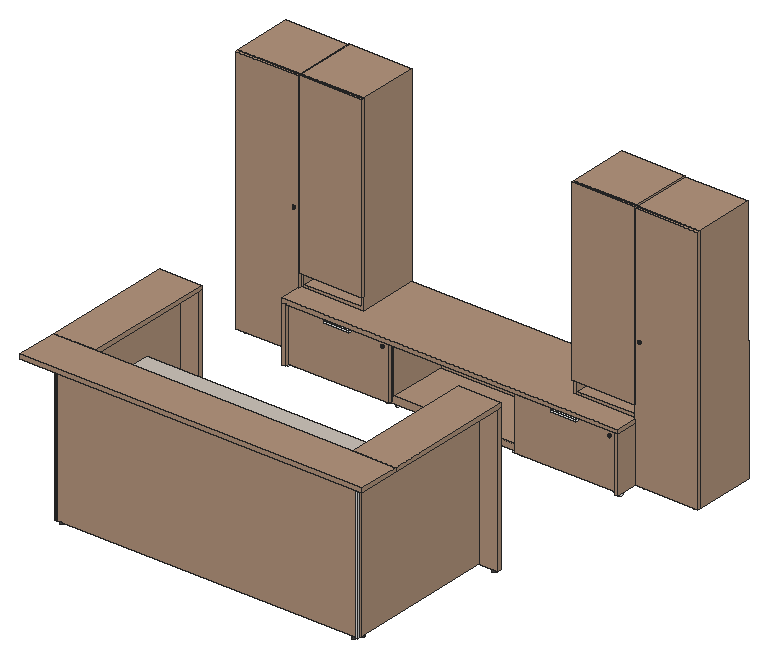
Revit family "Expansion_Casegoods-Reception_02-Teknion-R2019", category Furniture Systems, Revit 2019 (continued)
Definition of nested family "Workstations-Multi_Level-Teknion-B_MSD_Secondary-R2018"
  Parameters (values of type "1" Worksurface Thickness, Low Height")
    For Additional Finishes please visit [instance] = "https://assets.teknion.com/m/44a8009b046e5d47/original/Teknion_Materials_Library.zip"
    Description = "Secondary Desk - Low, 1\" Thick WS"
    Depth [instance] = 20.000"
    Available Widths [instance] = "54, 60, 66, 72, 78, 84, 90, 96, 102, or 108 inches."  # constant formula
    Available Depths [instance] = "20 or 24 inches."  # constant formula
    Assembly Code = "E2020200"
    Actual Width [instance] = if(Width = 54.000", 53.730", if(Width = 60.000", 59.700", if(Width = 66.000", 65.670", if(Width = 72.000", 71.640", if(Width = 78.000", 77.610", if(Width = 84.000", 83.580", if(Width = 90.000", 89.550", if(Width = 96.000", 95.520", if(Width = 102.000", 101.490", if(Width = 108.000", 107.460", 53.730"))))))))))  # 53.730"
    Actual Depth [instance] = if(Depth = 20.000", 19.900", 23.880")  # 19.900"
  Types (6): name | Worksurface Thickness | No Grommet | Model | Height | Has Centered Rectangular Grommet | Description
    1 3/16" Worksurface Thickness, High Height | 1.18898" | no | "BMMSDH_____" | 26.972" | yes | "Secondary Desk - High, 1-3/16\" Thick WS"
    1" Worksurface Thickness, High Height | 1.016" | no | "BDMSDH___" | 26.972" | yes | "Secondary Desk - High, 1\" Thick WS"
    1 9/16" Worksurface Thickness, High Height | 1.555" | no | "BXMSDH_____" | 26.972" | yes | "Secondary Desk - High, 1-9/16\" Thick WS"
    1 3/16" Worksurface Thickness, Low Height | 1.18898" | no | "BMMSDL_____" | 17.425" | yes | "Secondary Desk - Low, 1-3/16\" Thick WS"
    1 9/16" Worksurface Thickness, Low Height | 1.555" | no | "BXMSDL_____" | 17.425" | yes | "Secondary Desk - Low, 1-9/16\" Thick WS"
    1" Worksurface Thickness, Low Height | 1.016" | yes | "BDMSDL___" | 17.425" | no | "Secondary Desk - Low, 1\" Thick WS"
  Reference planes (in)
    plane 1 "Center F/B": y = 0
    plane 2: z = 0
    plane 3 "Center L/R": x = 0
    plane 4 "Left": x = -26.865
    plane 5 "Right": x = 26.865
    plane 6 "Back": y = 9.95
    plane 7 "Front": y = -9.95
    plane 8 "Top": z = 17.425
    plane 9: z = 17.58248
    plane 10: x = -25.84925
    plane 11: x = 25.84925
    plane 12: z = 16.409
  Forms (in)
    Sweep 1, solid, material <- "Surface and Edge Trim Finish"
      path origin (0, 0, 0) x (1, 0, 0) y (0, 1, 0)
        loop
          line (-26.865, 0) -> (26.865, 0)
      profile origin (0, 0, 0) x (0, 1, 0) y (0, 0, 1)
        loop
          line (9.95, 17.425) -> (-9.95, 17.425) -> (-9.95, 16.409) -> (9.95, 16.409) -> (9.95, 17.425)
    Sweep 2, solid, material <- "Gable Finish"
      path origin (0, 0, 0) x (1, 0, 0) y (0, 0, 1)
        loop
          line (0, 16.409) -> (0, 0.41339)
      profile origin (0, 0, 8.41119) x (0, -1, 0) y (1, 0, 0)
        loop
          line (-9.95, -26.865) -> (9.95, -26.865) -> (9.95, -25.84925) -> (-9.95, -25.84925) -> (-9.95, -26.865)
        loop
          line (-9.95, 25.84926) -> (9.95, 25.84926) -> (9.95, 26.865) -> (-9.95, 26.865) -> (-9.95, 25.84926)
    Extrusion 3, solid
      sketch origin (0, 0, 0) x (1, 0, 0) y (0, 1, 0)
        loop
          circle (-26.35528, 8.45) r 0.48481
        loop
          circle (-26.35528, -8.46926) r 0.48481
        loop
          circle (26.35528, -8.46926) r 0.48481
        loop
          circle (26.35528, 8.45) r 0.48481
      from 0 to 0.41339
    Extrusion 4, solid, material <- "Grommet Finish", visible <- "Has Centered Rectangular Grommet"
      sketch origin (0, 0, 17.425) x (-1, 0, 0) y (0, -1, 0)
        loop
          line (3.32716, -5.27994) -> (0.47993, -5.27994) -> (0.47993, -8.124) -> (3.32716, -8.124) -> (3.32716, -5.27994)
      from 0 to 0.15748
    Extrusion 5, solid, material <- "Grommet Finish", visible <- "Has Centered Rectangular Grommet"
      sketch origin (0, 0, 17.425) x (-1, 0, 0) y (0, -1, 0)
        loop
          line (0.47993, -5.27994) -> (-3.32716, -5.27994) -> (-3.32716, -8.124) -> (0.47993, -8.124) -> (0.47993, -6.91464) -> (-1.79967, -6.91464) -> (-1.79967, -6.48929) -> (0.47993, -6.48929) -> (0.47993, -5.27994)
      from 0 to 0.15748
    Extrusion 6, solid, material <- "Hardware Finish"
      sketch origin (-11.805, 0, -1.66531) x (1, 0, 0) y (0, 1, 0)
        loop
          line (-13.92524, 6.95) -> (-13.92524, -6.95) -> (-11.0915, -6.95) -> (-11.0915, 6.95) -> (-13.92524, 6.95)
      from 17.95534 to 18.07431
    Extrusion 7, solid, material <- "Hardware Finish"
      sketch origin (-38.805, 0, 0) x (0, 1, 0) y (0, 0, 1)
        loop
          line (-3.87804, 13.45624) -> (3.87804, 13.45624)
          arc (3.87804, 13.45624) -> (3.99213, 13.47314) -> (4.09643, 13.52236) r 0.3937
          line (4.09643, 13.52236) -> (6.77468, 15.30787)
          arc (6.77468, 15.30787) -> (6.90342, 15.44968) -> (6.95, 15.63545) r 0.3937
          line (6.95, 15.63545) -> (6.95, 16.409) -> (-6.95, 16.409) -> (-6.95, 15.63545)
          arc (-6.95, 15.63545) -> (-6.90342, 15.44968) -> (-6.77469, 15.30787) r 0.3937
          line (-6.77469, 15.30787) -> (-4.09643, 13.52236)
          arc (-4.09643, 13.52236) -> (-3.99213, 13.47314) -> (-3.87804, 13.45624) r 0.3937
      from 12.95575 to 13.07476
    Extrusion 8, solid, material <- "Hardware Finish"
      sketch origin (11.805, 0, -1.66531) x (-1, 0, 0) y (0, -1, 0)
        loop
          line (-13.92524, -6.95) -> (-11.0915, -6.95) -> (-11.0915, 6.95) -> (-13.92524, 6.95) -> (-13.92524, -6.95)
      from 17.95534 to 18.07431
    Extrusion 9, solid, material <- "Hardware Finish"
      sketch origin (38.805, 0, 0) x (0, 1, 0) y (0, 0, -1)
        loop
          arc (-3.87804, -13.45624) -> (-3.99213, -13.47314) -> (-4.09643, -13.52236) r 0.3937
          line (-4.09643, -13.52236) -> (-6.77469, -15.30787)
          arc (-6.77469, -15.30787) -> (-6.90342, -15.44968) -> (-6.95, -15.63545) r 0.3937
          line (-6.95, -15.63545) -> (-6.95, -16.409) -> (6.95, -16.409) -> (6.95, -15.63545)
          arc (6.95, -15.63545) -> (6.90342, -15.44968) -> (6.77468, -15.30787) r 0.3937
          line (6.77468, -15.30787) -> (4.09643, -13.52236)
          arc (4.09643, -13.52236) -> (3.99213, -13.47314) -> (3.87804, -13.45624) r 0.3937
          line (3.87804, -13.45624) -> (-3.87804, -13.45624)
      from 12.95575 to 13.07476
    Extrusion 10, solid, material <- "Grommet Finish", visible <- "Left Grommet"
      sketch origin (-18.29413, 0, 17.425) x (-1, 0, 0) y (0, -1, 0)
        loop
          line (3.32716, -5.27994) -> (0.47993, -5.27994) -> (0.47993, -8.124) -> (3.32716, -8.124) -> (3.32716, -5.27994)
      from 0 to 0.15748
    Extrusion 11, solid, material <- "Grommet Finish", visible <- "Left Grommet"
      sketch origin (-18.29413, 0, 17.425) x (-1, 0, 0) y (0, -1, 0)
        loop
          line (0.47993, -5.27994) -> (-3.32716, -5.27994) -> (-3.32716, -8.124) -> (0.47993, -8.124) -> (0.47993, -6.91464) -> (-1.79967, -6.91464) -> (-1.79967, -6.48929) -> (0.47993, -6.48929) -> (0.47993, -5.27994)
      from 0 to 0.15748
    Extrusion 12, solid, material <- "Grommet Finish", visible <- "Right Grommet"
      sketch origin (18.29413, 13.40394, 17.425) x (1, 0, 0) y (0, 1, 0)
        loop
          line (3.32716, -5.27994) -> (0.47993, -5.27994) -> (0.47993, -8.124) -> (3.32716, -8.124) -> (3.32716, -5.27994)
      from 0 to 0.15748
    Extrusion 13, solid, material <- "Grommet Finish", visible <- "Right Grommet"
      sketch origin (18.29413, 13.40394, 17.425) x (1, 0, 0) y (0, 1, 0)
        loop
          line (0.47993, -5.27994) -> (-3.32716, -5.27994) -> (-3.32716, -8.124) -> (0.47993, -8.124) -> (0.47993, -6.91464) -> (-1.79967, -6.91464) -> (-1.79967, -6.48929) -> (0.47993, -6.48929) -> (0.47993, -5.27994)
      from 0 to 0.15748
  Lines and regions (in)
    Masking region 1
      outline origin (0, 0, 17.425) x (-1, 0, 0) y (0, -1, 0)
        loop
          line (26.865, -9.95) -> (26.865, 9.95) -> (-26.865, 9.95) -> (-26.865, -9.95) -> (26.865, -9.95)
    symbolic lines, detail levels medium+fine
      curve 1: line (-25.84925, -9.95, 0) -> (-25.84925, 9.95, 0)
      curve 2: line (25.84926, 9.95, 0) -> (25.84926, -9.95, 0)
    symbolic lines, visible <- "Has Centered Rectangular Grommet"
      curve 3: line (-0.47993, 8.124, 0) -> (-3.32716, 8.124, 0)
      curve 4: line (3.32716, 8.124, 0) -> (-0.47993, 8.124, 0)
      curve 5: line (3.32716, 5.27994, 0) -> (3.32716, 8.124, 0)
      curve 6: line (-0.47993, 5.27994, 0) -> (3.32716, 5.27994, 0)
      curve 7: line (-3.32716, 5.27994, 0) -> (-0.47993, 5.27994, 0)
      curve 8: line (-3.32716, 8.124, 0) -> (-3.32716, 5.27994, 0)
      curve 9: line (-0.47993, 5.27994, 0) -> (-0.47993, 8.124, 0)
      curve 10: line (-0.47993, 6.91464, 0) -> (1.79967, 6.91464, 0)
      curve 11: line (1.79967, 6.48929, 0) -> (-0.47993, 6.48929, 0)
      curve 12: line (1.79967, 6.91464, 0) -> (1.79967, 6.48929, 0)
    symbolic lines, detail levels fine
      curve 13: arc (26.35528, 8.93481, 0) -> (25.87047, 8.45, 0) -> (26.35528, 7.96519, 0) r 0.48481
      curve 14: arc (26.35528, 7.96519, 0) -> (26.84009, 8.45, 0) -> (26.35528, 8.93481, 0) r 0.48481
      curve 15: arc (26.35528, -7.98445, 0) -> (25.87047, -8.46926, 0) -> (26.35528, -8.95407, 0) r 0.48481
      curve 16: arc (26.35528, -8.95407, 0) -> (26.84009, -8.46926, 0) -> (26.35528, -7.98445, 0) r 0.48481
      curve 17: arc (-26.35528, -7.98445, 0) -> (-26.84009, -8.46926, 0) -> (-26.35528, -8.95407, 0) r 0.48481
      curve 18: arc (-26.35528, -8.95407, 0) -> (-25.87047, -8.46926, 0) -> (-26.35528, -7.98445, 0) r 0.48481
      curve 19: arc (-26.35528, 7.96519, 0) -> (-25.87047, 8.45, 0) -> (-26.35528, 8.93481, 0) r 0.48481
      curve 20: arc (-26.35528, 8.93481, 0) -> (-26.84009, 8.45, 0) -> (-26.35528, 7.96519, 0) r 0.48481
      curve 21: line (-25.73024, 6.95, 0) -> (-25.84925, 6.95, 0)
      curve 22: line (-22.8965, 6.95, 0) -> (-25.73024, 6.95, 0)
      curve 23: line (-22.8965, -6.95, 0) -> (-22.8965, 6.95, 0)
      curve 24: line (-25.73024, -6.95, 0) -> (-22.8965, -6.95, 0)
      curve 25: line (-25.84925, -6.95, 0) -> (-25.73024, -6.95, 0)
      curve 26: line (-25.73024, -6.95, 0) -> (-25.73024, 6.95, 0)
      curve 27: line (25.84926, 6.95, 0) -> (25.73024, 6.95, 0)
      curve 28: line (25.73024, 6.95, 0) -> (22.8965, 6.95, 0)
      curve 29: line (22.8965, 6.95, 0) -> (22.8965, -6.95, 0)
      curve 30: line (22.8965, -6.95, 0) -> (25.73024, -6.95, 0)
      curve 31: line (25.73024, 6.95, 0) -> (25.73024, -6.95, 0)
      curve 32: line (25.73024, -6.95, 0) -> (25.84926, -6.95, 0)
    symbolic lines, visible <- "Left Grommet"
      curve 33: line (-18.77406, 8.124, 0) -> (-21.62129, 8.124, 0)
      curve 34: line (-14.96698, 8.124, 0) -> (-18.77406, 8.124, 0)
      curve 35: line (-14.96698, 5.27994, 0) -> (-14.96698, 8.124, 0)
      curve 36: line (-18.77406, 5.27994, 0) -> (-14.96698, 5.27994, 0)
      curve 37: line (-21.62129, 5.27994, 0) -> (-18.77406, 5.27994, 0)
      curve 38: line (-21.62129, 8.124, 0) -> (-21.62129, 5.27994, 0)
      curve 39: line (-18.77406, 5.27994, 0) -> (-18.77406, 8.124, 0)
      curve 40: line (-18.77406, 6.91464, 0) -> (-16.49446, 6.91464, 0)
      curve 41: line (-16.49446, 6.48929, 0) -> (-18.77406, 6.48929, 0)
      curve 42: line (-16.49446, 6.91464, 0) -> (-16.49446, 6.48929, 0)
    symbolic lines, visible <- "Right Grommet"
      curve 43: line (18.77406, 5.27994, 0) -> (21.62129, 5.27994, 0)
      curve 44: line (14.96698, 5.27994, 0) -> (18.77406, 5.27994, 0)
      curve 45: line (14.96698, 8.124, 0) -> (14.96698, 5.27994, 0)
      curve 46: line (18.77406, 8.124, 0) -> (14.96698, 8.124, 0)
      curve 47: line (21.62129, 8.124, 0) -> (18.77406, 8.124, 0)
      curve 48: line (21.62129, 5.27994, 0) -> (21.62129, 8.124, 0)
      curve 49: line (18.77406, 8.124, 0) -> (18.77406, 5.27994, 0)
      curve 50: line (18.77406, 6.48929, 0) -> (16.49446, 6.48929, 0)
      curve 51: line (16.49446, 6.91464, 0) -> (18.77406, 6.91464, 0)
      curve 52: line (16.49446, 6.48929, 0) -> (16.49446, 6.91464, 0)
  Dimensions and locks (in)
    equal spacing: plane 4 "Left", plane 3 "Center L/R", plane 5 "Right"
    equal spacing: plane 6 "Back", plane 1 "Center F/B", plane 7 "Front"
    "Actual Width": plane 4 "Left" to plane 5 "Right"
    "Actual Depth": plane 7 "Front" to plane 6 "Back"
    locked: Sweep 2 sketch curve to plane 2 at 0.41339
    locked: Sweep 2 sketch curve to plane 12 at 0
    locked: plane 4 "Left" to Sweep 2 sketch curve at 1.01575
    locked: Sweep 2 sketch curve to plane 5 "Right" at 1.01574
    "Height": plane 8 "Top" to plane 2
    locked: Extrusion 3 to plane 2 at 0.41339
    locked: plane 4 "Left" to Extrusion 3 sketch curve at 0.50972  (x2)
    locked: Extrusion 3 sketch curve to plane 5 "Right" at 0.50972  (x2)
    locked: plane 7 "Front" to Extrusion 3 sketch curve at 1.48074
    locked: plane 6 "Back" to Extrusion 3 sketch curve at 1.5
    Extrusion 4 sketch curve to Extrusion 4 sketch curve to plane 3 "Center L/R" = 2.84723" locked, 0.47993" locked
    plane 6 "Back" to Extrusion 4 sketch curve to Extrusion 4 sketch curve = 1.826" locked, 2.84406" locked
    Extrusion 5 sketch curve to Extrusion 5 sketch curve to plane 3 "Center L/R" to Extrusion 5 sketch curve to Extrusion 5 sketch curve = 0.000" locked, 0.47993" locked, 1.79967" locked, 1.52748" locked
    Extrusion 5 sketch curve to Extrusion 5 sketch curve to Extrusion 5 sketch curve to Extrusion 5 sketch curve to plane 6 "Back" = 1.20936" locked, 0.42535" locked, 1.20936" locked, 1.826" locked
    locked: plane 9 to plane 8 "Top" at 0.15748
    locked: Extrusion 6 sketch curve to plane 6 "Back" at 3
    locked: Extrusion 6 sketch curve to plane 7 "Front" at 3
    plane 4 "Left" to Extrusion 6 sketch curve to Extrusion 6 sketch curve = 1.13476" locked, 2.83374" locked
    Extrusion 7 sketch curve to Extrusion 7 sketch curve to Extrusion 7 sketch curve to plane 6 "Back" = 2.67826" locked, 0.3937" locked, 3.000" locked
    plane 7 "Front" to Extrusion 7 sketch curve to Extrusion 7 sketch curve to Extrusion 7 sketch curve = 3.000" locked, 0.3937" locked, 2.67826" locked
    Extrusion 7 sketch curve to Extrusion 7 sketch curve to Extrusion 7 sketch curve to Extrusion 7 sketch curve to Extrusion 7 sketch curve to Extrusion 7 sketch curve to plane 12 = 0.3937" locked, 0.000" locked, 1.78551" locked, 0.000" locked, 0.77355" locked, 0.000" locked
    plane 5 "Right" to Extrusion 8 sketch curve to Extrusion 8 sketch curve = 1.13476" locked, 2.83374" locked
    Extrusion 9 sketch curve to Extrusion 9 sketch curve to Extrusion 9 sketch curve to plane 6 "Back" = 2.67826" locked, 0.3937" locked, 3.000" locked
    plane 7 "Front" to Extrusion 9 sketch curve to Extrusion 9 sketch curve to Extrusion 9 sketch curve = 3.000" locked, 0.3937" locked, 2.67826" locked
    plane 12 to Extrusion 9 sketch curve to Extrusion 9 sketch curve to Extrusion 9 sketch curve to Extrusion 9 sketch curve to Extrusion 9 sketch curve to Extrusion 9 sketch curve = 0.000" locked, 0.77355" locked, 0.000" locked, 1.78551" locked, 0.000" locked, 0.3937" locked
    locked: plane 6 "Back" to Extrusion 8 sketch curve at 3
    locked: plane 7 "Front" to Extrusion 8 sketch curve at 3
    locked: plane 4 "Left" to plane 10 at 1.01575
    locked: plane 10 to Extrusion 7 at 0.11902
    locked: plane 5 "Right" to plane 11 at 1.01575
    locked: Extrusion 9 to plane 11 at 0.11902
    "Worksurface Thickness": plane 8 "Top" to plane 12
    locked: plane 12 to Extrusion 6 at 0.11897
    locked: plane 12 to Extrusion 8 at 0.11897
    plane 4 "Left" to Extrusion 10 sketch curve to Extrusion 10 sketch curve = 5.24371" locked, 2.84723" locked
    plane 6 "Back" to Extrusion 10 sketch curve to Extrusion 10 sketch curve = 1.826" locked, 2.84406" locked
    plane 4 "Left" to Extrusion 11 sketch curve to Extrusion 11 sketch curve to Extrusion 11 sketch curve to Extrusion 11 sketch curve = 8.09094" locked, 0.000" locked, 2.2796", 1.52748" locked
    Extrusion 11 sketch curve to Extrusion 11 sketch curve to Extrusion 11 sketch curve to Extrusion 11 sketch curve to plane 6 "Back" = 1.20936" locked, 0.42535" locked, 1.20936" locked, 1.826" locked
    plane 5 "Right" to Extrusion 12 sketch curve to Extrusion 12 sketch curve = 5.24371" locked, 2.84723" locked
    Extrusion 12 sketch curve to Extrusion 12 sketch curve to plane 6 "Back" = 2.84406" locked, 1.826" locked
    plane 5 "Right" to Extrusion 13 sketch curve to Extrusion 13 sketch curve to Extrusion 13 sketch curve to Extrusion 13 sketch curve = 8.09094" locked, 0.000" locked, 2.2796" locked, 1.52748" locked
    plane 6 "Back" to Extrusion 13 sketch curve to Extrusion 13 sketch curve to Extrusion 13 sketch curve to Extrusion 13 sketch curve = 1.826" locked, 1.20936" locked, 0.42535" locked, 1.20936" locked
    aligned and locked: level to plane 2
    aligned and locked: plane 4 "Left" to Sweep 1 sketch curve
    aligned and locked: plane 5 "Right" to Sweep 1 sketch curve
    aligned and locked: plane 1 "Center F/B" to Sweep 1 sketch curve
    aligned and locked: Sweep 1 sketch curve to plane 8 "Top"
    aligned and locked: Sweep 1 sketch curve to plane 7 "Front"
    aligned and locked: Sweep 1 sketch curve to plane 6 "Back"
    aligned and locked: Sweep 2 sketch curve to plane 3 "Center L/R"
    aligned and locked: Sweep 2 sketch curve to plane 6 "Back"  (x2)
    aligned and locked: Sweep 2 sketch curve to plane 4 "Left"
    aligned and locked: Sweep 2 sketch curve to plane 7 "Front"  (x2)
    aligned and locked: Sweep 2 sketch curve to plane 5 "Right"
    aligned and locked: plane 2 to Extrusion 3
    aligned and locked: curve 1 to Sweep 2
    aligned and locked: curve 2 to Sweep 2
    aligned and locked: Masking region 1 sketch curve to plane 4 "Left"
    aligned and locked: Masking region 1 sketch curve to plane 5 "Right"
    aligned and locked: Masking region 1 sketch curve to plane 6 "Back"
    aligned and locked: Masking region 1 sketch curve to plane 7 "Front"
    aligned and locked: Extrusion 4 to plane 9
    aligned and locked: Extrusion 5 to plane 9
    aligned and locked: Extrusion 4 to plane 8 "Top"
    aligned and locked: Extrusion 5 to plane 8 "Top"
    aligned and locked: curve 3 to Extrusion 4
    aligned and locked: curve 7 to Extrusion 4
    aligned and locked: curve 8 to Extrusion 4
    aligned and locked: curve 9 to Extrusion 4
    aligned and locked: Extrusion 7 to Extrusion 6
    aligned and locked: Extrusion 8 to Extrusion 9
    aligned and locked: Extrusion 7 to plane 10
    aligned and locked: Extrusion 9 to plane 11
    aligned and locked: curve 4 to Extrusion 5
    aligned and locked: curve 5 to Extrusion 5
    aligned and locked: curve 10 to Extrusion 5
    aligned and locked: curve 12 to Extrusion 5
    aligned and locked: curve 11 to Extrusion 5
    aligned and locked: curve 13 to Extrusion 3
    aligned and locked: curve 14 to Extrusion 3
    aligned and locked: curve 15 to Extrusion 3
    aligned and locked: curve 16 to Extrusion 3
    aligned and locked: curve 17 to Extrusion 3
    aligned and locked: curve 18 to Extrusion 3
    aligned and locked: curve 19 to Extrusion 3
    aligned and locked: curve 20 to Extrusion 3
    aligned and locked: curve 28 to Extrusion 8
    aligned and locked: curve 29 to Extrusion 8
    aligned and locked: curve 30 to Extrusion 8
    aligned and locked: Extrusion 8 to plane 12
    aligned and locked: Extrusion 6 to plane 12
    aligned and locked: curve 23 to Extrusion 6
    aligned and locked: curve 33 to Extrusion 10
    aligned and locked: curve 37 to Extrusion 10
    aligned and locked: curve 38 to Extrusion 10
    aligned and locked: curve 39 to Extrusion 10
    aligned and locked: curve 34 to Extrusion 11
    aligned and locked: curve 35 to Extrusion 11
    aligned and locked: curve 40 to Extrusion 11
    aligned and locked: curve 42 to Extrusion 11
    aligned and locked: curve 41 to Extrusion 11
    aligned and locked: curve 43 to Extrusion 12
    aligned and locked: curve 47 to Extrusion 12
    aligned and locked: curve 48 to Extrusion 12
    aligned and locked: curve 49 to Extrusion 12
    aligned and locked: curve 44 to Extrusion 13
    aligned and locked: curve 45 to Extrusion 13
    aligned and locked: curve 50 to Extrusion 13
    aligned and locked: curve 52 to Extrusion 13
    aligned and locked: curve 51 to Extrusion 13
    aligned and locked: Extrusion 11 to plane 8 "Top"
    aligned and locked: Extrusion 10 to plane 8 "Top"
    aligned and locked: Extrusion 12 to plane 8 "Top"
    aligned and locked: Extrusion 13 to plane 8 "Top"
    aligned and locked: plane 9 to Extrusion 11
    aligned and locked: plane 9 to Extrusion 10
    aligned and locked: Extrusion 13 to plane 9
    aligned and locked: Extrusion 12 to plane 9
    aligned and locked: Sweep 1 sketch curve to plane 12
  Automatic sketch dimensions
    Extrusion 3 sketch curve to Extrusion 3 sketch curve = 0.000"  (x2)
    Extrusion 3 sketch curve to plane 7 "Front" = 1.48074"
    Extrusion 3 sketch curve to plane 6 "Back" = 1.500"
    Extrusion 3 sketch curve to Extrusion 3 sketch curve = 0.48481"  (x4)
    plane 12 to Extrusion 7 sketch curve = 1.10113"  (x2)
    plane 12 to Extrusion 7 sketch curve = 2.88664"  (x2)
    plane 12 to Extrusion 9 sketch curve = 1.10113"  (x2)
    plane 12 to Extrusion 9 sketch curve = 2.88664"  (x2)
    plane 7 "Front" to curve 2 = 0.000"
    plane 7 "Front" to curve 1 = 0.000"
    curve 1 to plane 6 "Back" = 0.000"
    curve 2 to plane 6 "Back" = 0.000"
    curve 25 to curve 25 = 0.11902"
    plane 11 to curve 32 = 0.11902"
    curve 17 to curve 25 = 1.03445"
    curve 21 to curve 19 = 1.01519"
Definition of nested family "Storage-Multi_Level_Workstations-Teknion-BSSL_Lateral_File-R2019"
  Parameters (values of type "High Secondary Desk Height, 20" Secondary Desk Depth")
    Width [instance] = 24.000"
    Warranty = "http://www.teknion.com/ca/papers/legal-canada"
    Unit Weight URL = "http://www.teknion.com/ca/tools/assets#&asset=bee6a381-b954-425e-8283-5a2de3a804f2,f828d448-4b62-4231-9e5f-9a8991c0ed77"
    URL = "http://www.teknion.com/"
    To render please download texture images found here [instance] = "https://assets.teknion.com/web/5e81352c1dfdb467/revit-material-swatches/"
    Sustainability Data = "http://www.teknion.com/ca/tools/assets#&topic=216f99a5-57a0-44fc-b10a-9dee9b29ae4c&asset=444deb64-fe58-4b68-981e-f75e97781df7"
    Series = "Expansion Casegoods"  # constant formula
    Pull Finish [instance] = none
    Product Page URL = "http://www.teknion.com/ca/products/product-details?productlineid=0053336e-8e7a-673b-a6c8-ff00004460c4"
    Product Line = "Expansion Casegoods"  # constant formula
    Product Documentation Link = "http://www.teknion.com/pricing/expansion-casegoods/pdfs/BSSL_ppg.pdf"
    Part Number = "BSSL"  # constant formula
    How To Use Teknion Materials User Guide [instance] = "https://assets.teknion.com/m/205dd0a49fa58060/original/How-to-add-a-Material-Library-and-Texture-Images-to-your-Revit-project.pdf"
    For Additional Finishes please visit [instance] = "https://assets.teknion.com/m/44a8009b046e5d47/original/Teknion_Materials_Library.zip"
    End of 1-9/16" thick Secondary Desk [instance] = no
    End of 1-3/16" thick Secondary Desk [instance] = no
    End of 1" thick Secondary Desk [instance] = no
    Configurations Note [instance] = "The Center configuration is not available for the 42 inch width."  # constant formula
    Available Widths [instance] = "Available Widths range from 18 to 42 inches in 6 inch increments."  # constant formula
    Model = "BSSL_NH20__"
    Manufacturer Phone = "416-661-3370"
    Manufacturer Fax = "416.661.4586"
    Manufacturer Contact Information = "http://www.teknion.com/ca/contactus"
    Manufacturer Address = "1150 Flint Road, Toronto, ON. M3J 2J5. Canada"
    Manufacturer = "Teknion"  # constant formula
    Low = not(High)  # no
    Lateral File Front Finish [instance] = none
    High - Drawer Horizontal Cut [instance] = if(High, 1.501", 0.550")  # 1.501"
    High = yes
    Height = 25.299"
    End [instance] = or([End of 1" thick Secondary Desk], [End of 1-3/16" thick Secondary Desk], [End of 1-9/16" thick Secondary Desk])  # no
    Description = "Lateral File, Not In Front of Height Adjustable Mechanism, High Secondary Desk Height, 20\" Secondary Desk Depth"
    Center [instance] = not(or([End of 1" thick Secondary Desk], [End of 1-3/16" thick Secondary Desk], [End of 1-9/16" thick Secondary Desk]))  # yes
    Case Finish [instance] = none
    Assembly Code = "E2020200"
    Actual Width [instance] = if(and(Width = 18.000", End), 16.775", if(and(Width = 18.000", Center), 17.910", if(and(Width = 24.000", End), 22.745", if(and(Width = 24.000", Center), 23.880", if(and(Width = 30.000", End), 28.715", if(and(Width = 30.000", Center), 29.850", if(and(Width = 36.000", End), 34.685", if(and(Width = 36.000", Center), 35.820", if(and(Width = 42.000", End), 40.655", 16.775")))))))))  # 23.880"
  Types (4): name | Model | Low | High - Drawer Horizontal Cut | High | Height | Description
    High Secondary Desk Height, 20" Secondary Desk Depth | "BSSL_NH20__" | no | 1.501" | yes | 25.299" | "Lateral File, Not In Front of Height Adjustable Mechanism, High Secondary Desk Height, 20\" Secondary Desk Depth"
    Low Secondary Desk Height, 20" Secondary Desk Depth | "BSSL_NL20__" | yes | 0.550" | no | 15.748" | "Lateral File, Not In Front of Height Adjustable Mechanism, Low Secondary Desk Height, 20\" Secondary Desk Depth"
    High Secondary Desk Height, 24" Secondary Desk Depth | "BSSL_NH24__" | no | 1.501" | yes | 25.299" | "Lateral File, Not In Front of Height Adjustable Mechanism, High Secondary Desk Height, 24\" Secondary Desk Depth"
    Low Secondary Desk Height, 24" Secondary Desk Depth | "BSSL_NL24__" | yes | 0.550" | no | 15.748" | "Lateral File, Not In Front of Height Adjustable Mechanism, Low Secondary Desk Height, 24\" Secondary Desk Depth"
  Reference planes (in)
    plane 1 "Center F/B": y = 0
    plane 2: z = 0
    plane 3 "Center L/R": x = 0
    plane 4 "Left": x = -11.94
    plane 5 "Right": x = 11.94
    plane 6 "Back": y = 8.9605
    plane 7 "Front": y = -8.9605
    plane 8 "Top": z = 25.299
    plane 9: y = -9
    plane 10: z = 13.38955
    plane 11: z = 13.50787
    plane 12: y = -9.7605
  Forms (in)
    Sweep 1, solid, material <- "Lateral File Front Finish"
      path origin (0, -17.21, 0) x (0, -1, 0) y (-1, 0, 0)
        loop
          line (-8.95029, 0) -> (-8.2495, 0)
      profile origin (0, -8.61011, 0) x (1, 0, 0) y (0, 0, 1)
        loop
          line (-11.94, 25.299) -> (-11.94, 0.72026) -> (11.94, 0.72026) -> (11.94, 25.299) -> (-11.94, 25.299)
    Sweep 2, solid, material <- "Case Finish"
      path origin (0, 0, 0) x (1, 0, 0) y (0, 0, 1)
        loop
          line (0, 0.60215) -> (0, 25.299)
      profile origin (0, 0, 12.95057) x (-1, 0, 0) y (0, -1, 0)
        loop
          line (11.94, -8.9605) -> (11.94, 8.25997) -> (-11.94, 8.25997) -> (-11.94, -8.9605) -> (11.94, -8.9605)
    Sweep 3, solid
      path origin (0, -9, 0) x (1, 0, 0) y (0, 0, 1)
        loop
          line (0, 0.60215) -> (0, 0)
      profile origin (0, -9, 0.30107) x (0, -1, 0) y (1, 0, 0)
        loop
          circle (-1.37786, -10.67812) r 0.5
        loop
          circle (-1.37786, 10.67812) r 0.5
        loop
          circle (-17.32263, -10.67812) r 0.5
        loop
          circle (-17.32263, 10.67812) r 0.5
    Sweep 4, void
      path origin (0, 0, 0) x (1, 0, 0) y (0, 1, 0)
        loop
          line (-11.94, 0) -> (11.94, 0)
      profile origin (0, 0, 0) x (0, 1, 0) y (0, 0, 1)
        loop
          line (8.9605, 25.299) -> (1.7164, 25.299) -> (1.7164, 24.59821) -> (8.9605, 24.59821) -> (8.9605, 25.299)
    Sweep 5, solid, material <- "Pull Finish"
      path origin (0, 0, 25.299) x (-1, 0, 0) y (0, -1, 0)
        loop
          line (3.5, 8.9605) -> (-3.5, 8.9605)
      profile origin (0, -8.9605, 25.299) x (0, 1, 0) y (0, 0, 1)
        loop
          line (0, -0.05906) -> (-0.75223, -0.05906) -> (-0.75223, -0.55906) -> (0, -0.55906) -> (0, -0.05906)
    Sweep 6, solid, material <- "Pull Finish", visible <- "High"
      path origin (0, 0, 13.38955) x (-1, 0, 0) y (0, -1, 0)
        loop
          line (-3.5, 8.9605) -> (3.5, 8.9605)
      profile origin (0, -8.9605, 13.38955) x (0, -1, 0) y (0, 0, 1)
        loop
          line (0, -0.05906) -> (0, -0.55906) -> (0.75223, -0.55906) -> (0.75223, -0.05906) -> (0, -0.05906)
    Extrusion 7, solid
      sketch origin (0, -8.9605, 0) x (1, 0, 0) y (0, 0, 1)
        loop
          line (10.09957, 24.22638) -> (10.00114, 24.22638) -> (10.00114, 23.85236) -> (10.09957, 23.85236) -> (10.09957, 24.22638)
        loop
          circle (10.05035, 24.03937) r 0.39986
      from 0 to 0.05931
    Extrusion 8, void
      sketch origin (0, -8.9605, 0) x (1, 0, 0) y (0, 0, 1)
        loop
          line (-11.94, 13.50787) -> (-11.94, 13.38955) -> (11.94, 13.38955) -> (11.94, 13.50787) -> (-11.94, 13.50787)
      from 0.8 to -0.701
  Cuts and joins
    Sweep 4 cuts Sweep 2
    Extrusion 8 cuts Sweep 1
  Lines and regions (in)
    Masking region 1
      outline origin (0, 0, 25.299) x (-1, 0, 0) y (0, -1, 0)
        loop
          line (11.94, -8.9605) -> (11.94, 8.9605) -> (-11.94, 8.9605) -> (-11.94, -8.9605) -> (11.94, -8.9605)
    Masking region 2
      outline origin (0, 0, 0) x (1, 0, 0) y (0, 1, 0)
        loop
          line (-3.5, -8.9605) -> (-3.5, -9.71273) -> (3.5, -9.71273) -> (3.5, -8.9605) -> (-3.5, -8.9605)
    Masking region 3
      outline origin (0, 0, 0) x (1, 0, 0) y (0, 1, 0)
        loop
          line (10.45022, -8.9605) -> (9.65049, -8.9605) -> (9.65049, -9.01981) -> (10.45022, -9.01981) -> (10.45022, -8.9605)
    symbolic lines
      curve 1: line (-11.94, -8.25971, 0) -> (11.94, -8.25971, 0)
      curve 2: line (-11.94, 1.7164, 0) -> (11.94, 1.7164, 0)
    symbolic lines, detail levels fine
      curve 3: arc (-10.67812, -8.12214, 0) -> (-10.17812, -7.62214, 0) -> (-10.67812, -7.12214, 0) r 0.5
      curve 4: arc (-10.67812, -7.12214, 0) -> (-11.17812, -7.62214, 0) -> (-10.67812, -8.12214, 0) r 0.5
      curve 5: arc (10.67812, -8.12214, 0) -> (11.17812, -7.62214, 0) -> (10.67812, -7.12214, 0) r 0.5
      curve 6: arc (10.67812, -7.12214, 0) -> (10.17812, -7.62214, 0) -> (10.67812, -8.12214, 0) r 0.5
      curve 7: arc (10.67812, 7.82263, 0) -> (11.17812, 8.32263, 0) -> (10.67812, 8.82263, 0) r 0.5
      curve 8: arc (10.67812, 8.82263, 0) -> (10.17812, 8.32263, 0) -> (10.67812, 7.82263, 0) r 0.5
      curve 9: arc (-10.67812, 7.82263, 0) -> (-10.17812, 8.32263, 0) -> (-10.67812, 8.82263, 0) r 0.5
      curve 10: arc (-10.67812, 8.82263, 0) -> (-11.17812, 8.32263, 0) -> (-10.67812, 7.82263, 0) r 0.5
  Dimensions and locks (in)
    equal spacing: plane 4 "Left", plane 3 "Center L/R", plane 5 "Right"
    equal spacing: plane 6 "Back", plane 1 "Center F/B", plane 7 "Front"
    "Height": plane 8 "Top" to plane 2
    locked: plane 8 "Top" to Sweep 1 sketch curve at 0
    locked: Sweep 2 sketch curve to plane 2 at 0.60215
    locked: Sweep 1 sketch curve to plane 2 at 0.72026
    locked: Sweep 1 sketch curve to plane 4 "Left" at 0
    locked: plane 5 "Right" to Sweep 1 sketch curve at 0
    locked: plane 4 "Left" to Sweep 3 sketch curve at 1.26188  (x2)
    locked: plane 7 "Front" to Sweep 3 sketch curve at 1.33836  (x2)
    locked: plane 7 "Front" to Sweep 1 sketch curve at 0.70079
    locked: plane 6 "Back" to Sweep 4 sketch curve at 7.2441
    locked: plane 8 "Top" to Sweep 4 sketch curve at 0.70079
    Sweep 5 sketch curve to plane 3 "Center L/R" to Sweep 5 sketch curve = 3.500" locked, 3.500" locked
    plane 8 "Top" to Sweep 5 sketch curve to Sweep 5 sketch curve = 0.05906", 0.500"
    locked: plane 7 "Front" to Sweep 5 sketch curve at 0.75223
    "Actual Width": plane 4 "Left" to plane 5 "Right"
    locked: plane 6 "Back" to plane 7 "Front" at 17.921
    locked: Sweep 3 sketch curve to plane 2 at 0.60215
    locked: plane 8 "Top" to plane 10 at 11.90945
    Sweep 6 sketch curve to plane 3 "Center L/R" to Sweep 6 sketch curve = 3.500" locked, 3.500" locked
    plane 10 to Sweep 6 sketch curve to Sweep 6 sketch curve = 0.05906" locked, 0.500" locked
    locked: profile plane to Sweep 6 sketch curve at 0.75223
    locked: plane 7 "Front" to Sweep 2 sketch curve at 0.70053
    locked: Sweep 3 sketch curve to plane 5 "Right" at 1.26188  (x2)
    locked: plane 6 "Back" to Sweep 3 sketch curve at 0.63787  (x2)
    plane 5 "Right" to Extrusion 7 sketch curve to Extrusion 7 sketch curve to Extrusion 7 sketch curve = 1.84043" locked, 0.04921" locked, 0.04921" locked
    plane 8 "Top" to Extrusion 7 sketch curve to Extrusion 7 sketch curve to Extrusion 7 sketch curve = 1.07262" locked, 0.18701" locked, 0.18701" locked
    locked: Extrusion 7 to plane 7 "Front" at 0.05931
    locked: plane 11 to plane 10 at 0.11832
    locked: plane 7 "Front" to plane 12 at 0.8
    "High - Drawer Horizontal Cut": Extrusion 8 to plane 12
    Masking region 3 sketch curve to Masking region 3 sketch curve to plane 5 "Right" = 0.79973" locked, 1.48978" locked
    aligned and locked: level to plane 2
    aligned and locked: Masking region 1 sketch curve to plane 5 "Right"
    aligned and locked: plane 4 "Left" to Masking region 1 sketch curve
    aligned and locked: Masking region 1 sketch curve to plane 6 "Back"
    aligned and locked: Masking region 1 sketch curve to plane 7 "Front"
    aligned and locked: plane 8 "Top" to Sweep 2 sketch curve
    aligned and locked: plane 3 "Center L/R" to Sweep 2 sketch curve
    aligned and locked: Sweep 2 sketch curve to plane 6 "Back"
    aligned and locked: plane 4 "Left" to Sweep 2 sketch curve
    aligned and locked: Sweep 2 sketch curve to plane 5 "Right"
    aligned and locked: curve 1 to Sweep 1
    aligned and locked: plane 4 "Left" to curve 1
    aligned and locked: plane 5 "Right" to curve 1
    aligned and locked: plane 7 "Front" to Sweep 1 sketch curve
    aligned and locked: Sweep 1 sketch curve to plane 3 "Center L/R"
    aligned and locked: plane 1 "Center F/B" to Sweep 4 sketch curve
    aligned and locked: plane 5 "Right" to Sweep 4 sketch curve
    aligned and locked: plane 4 "Left" to Sweep 4 sketch curve
    aligned and locked: Sweep 4 sketch curve to plane 8 "Top"
    aligned and locked: Sweep 4 sketch curve to plane 6 "Back"
    aligned and locked: curve 2 to cut or joined group of Sweep 2, Sweep 4
    aligned and locked: plane 7 "Front" to Sweep 5 sketch curve  (x2)
    aligned and locked: Sweep 3 sketch curve to plane 3 "Center L/R"
    aligned and locked: plane 2 to Sweep 3 sketch curve
    aligned and locked: Extrusion 7 to plane 7 "Front"
    aligned and locked: Extrusion 8 sketch curve to plane 4 "Left"
    aligned and locked: Extrusion 8 sketch curve to plane 11
    aligned and locked: Extrusion 8 sketch curve to plane 10
    aligned and locked: Extrusion 8 sketch curve to plane 5 "Right"
    aligned and locked: plane 12 to Extrusion 8
    aligned and locked: Masking region 2 sketch curve to Sweep 5  (x4)
    aligned and locked: curve 3 to Sweep 3
    aligned and locked: curve 4 to Sweep 3
    aligned and locked: curve 5 to Sweep 3
    aligned and locked: curve 6 to Sweep 3
    aligned and locked: curve 7 to Sweep 3
    aligned and locked: curve 8 to Sweep 3
    aligned and locked: curve 9 to Sweep 3
    aligned and locked: curve 10 to Sweep 3
    aligned and locked: Masking region 3 sketch curve to plane 7 "Front"
    aligned and locked: Masking region 3 sketch curve to Extrusion 7
  Automatic sketch dimensions
    curve 2 to plane 4 "Left" = 0.000"
    curve 2 to plane 5 "Right" = 0.000"
    Sweep 6 sketch curve to profile plane = 0.000"
    plane 7 "Front" to Sweep 6 sketch curve = 0.000"
    radius of Sweep 3 sketch curve = 0.500"  (x4)
    radius of Extrusion 7 sketch curve = 0.39986"
Definition of nested family "Storage-Multi_Level_Workstations-Teknion-BSSO_Bookcase-R2018"
  Parameters (values of type "Low")
    Width [instance] = 18.000"
    Warranty = "http://www.teknion.com/ca/papers/legal-canada"
    Unit Weight URL = "http://www.teknion.com/pricing/expansion-casegoods/pdfs/wv.pdf"
    Under Height-Adjustable Run-Off [instance] = yes
    URL = "http://www.teknion.com/"
    To render please download texture images found here [instance] = "https://assets.teknion.com/web/5e81352c1dfdb467/revit-material-swatches/"
    Sustainability Data = "http://www.teknion.com/about-teknion/environment/datasheets.asp"
    Shelf Visibility [instance] = if(Height = 25.488", 1 < 2, 1 > 2)  # no
    Series = "Expansion Casegoods"  # constant formula
    Product Page URL = "http://www.teknion.com/ca/products/product-details?productlineid=0053336e-8e7a-673b-a6c8-ff00004460c4"
    Product Line = "Expansion Casegoods"  # constant formula
    Product Documentation Link = "http://www.teknion.com/pricing/expansion-casegoods/pdfs/BSSO_ppg.pdf"
    Part Number = "BSSO"  # constant formula
    Note [instance] = "Available Depths are 20 and 24 inches. Available Widths are available in a range from 18 to 42 inches in 6 inch increments."  # constant formula
    Model = "BSSO__L____"
    Manufacturer Phone = "416-661-3370"
    Manufacturer Fax = "416.661.4586"
    Manufacturer Contact Information = "http://www.teknion.com/ca/contactus"
    Manufacturer Address = "1150 Flint Road, Toronto, ON. M3J 2J5. Canada"
    Manufacturer = "Teknion"  # constant formula
    How To Use Teknion Materials User Guide [instance] = "https://assets.teknion.com/m/205dd0a49fa58060/original/How-to-add-a-Material-Library-and-Texture-Images-to-your-Revit-project.pdf"
    Height = 15.937"
    For Additional Finishes please visit [instance] = "https://assets.teknion.com/m/44a8009b046e5d47/original/Teknion_Materials_Library.zip"
    End of 1-9/16" thick Secondary Desk [instance] = no
    End of 1-3/16" thick Secondary Desk [instance] = no
    End of 1" thick Secondary Desk [instance] = no
    End Configuration [instance] = or([End of 1" thick Secondary Desk], [End of 1-3/16" thick Secondary Desk], [End of 1-9/16" thick Secondary Desk])  # no
    Description = "Bookcase for 1-3/16\" Thick Low Secondary Desk"
    Depth [instance] = 20.000"
    Center Configuration [instance] = not(or([End of 1" thick Secondary Desk], [End of 1-3/16" thick Secondary Desk], [End of 1-9/16" thick Secondary Desk]))  # yes
    Case Finish [instance] = none
    Assembly Code = "E2020200"
    Actual Width [instance] = if(and(Width = 18.000", End Configuration), 16.775", if(and(Width = 24.000", End Configuration), 22.745", if(and(Width = 30.000", End Configuration), 28.715", if(and(Width = 36.000", End Configuration), 34.685", if(and(Width = 42.000", End Configuration), 40.655", if(and(Width = 18.000", Center Configuration), 17.910", if(and(Width = 24.000", Center Configuration), 23.880", if(and(Width = 30.000", Center Configuration), 29.850", if(and(Width = 36.000", Center Configuration), 35.820", if(and(Width = 42.000", Center Configuration), 41.790", 16.775"))))))))))  # 17.910"
    Actual Depth [instance] = if(and([Under Height-Adjustable Run-Off], Depth = 24.000"), 15.055", if(and([Under Height-Adjustable Run-Off], Depth = 20.000"), 11.055", 17.220"))  # 11.055"
  Types (2): name | Shelf Visibility | Model | Height | Description
    Low | no | "BSSO__L____" | 15.937" | "Bookcase for 1-3/16\" Thick Low Secondary Desk"
    High | yes | "BSSO__H____" | 25.488" | "Bookcase for 1-3/16\" Thick High Secondary Desk"
  Reference planes (in)
    plane 1 "Center F/B": y = 0
    plane 2: z = 0
    plane 3 "Center L/R": x = 0
    plane 4 "Left": x = -8.955
    plane 5 "Right": x = 8.955
    plane 6 "Back": y = 5.5275
    plane 7 "Front": y = -5.5275
    plane 8 "Top": z = 15.937
    plane 9 "Symbolic Representation Plane": z = 0
    plane 10: z = 12.55776
    plane 11: z = 11.85698
    plane 12: x = -8.254
    plane 13: x = 8.254
    plane 14: y = -5.03537
    plane 15: y = 4.8265
  Forms (in)
    Sweep 1, solid, material <- "Case Finish"
      path origin (0, 0, 0) x (1, 0, 0) y (0, 0, 1)
        loop
          line (0, 0.602) -> (0, 15.937)
      profile origin (0, 0, 8.2695) x (-1, 0, 0) y (0, -1, 0)
        loop
          line (8.955, -5.5275) -> (8.955, 5.5275) -> (-8.955, 5.5275) -> (-8.955, -5.5275) -> (8.955, -5.5275)
    Sweep 2, solid
      path origin (0, -9, 0) x (1, 0, 0) y (0, 0, 1)
        loop
          line (0, 0.602) -> (0, 0)
      profile origin (0, -9, 0.301) x (0, -1, 0) y (1, 0, 0)
        loop
          circle (-13.89472, -7.63669) r 0.48481
        loop
          circle (-13.89472, 7.63669) r 0.48481
        loop
          circle (-4.1055, -7.63669) r 0.48481
        loop
          circle (-4.1055, 7.63669) r 0.48481
    Sweep 3, void
      path origin (0, 0, 15.937) x (-1, 0, 0) y (0, -1, 0)
        loop
          line (-8.254, 0) -> (8.254, 0)
      profile origin (0, 0, 15.937) x (0, -1, 0) y (0, 0, 1)
        loop
          line (-5.5275, 0) -> (-5.5275, -0.701) -> (-4.8265, -0.701) -> (-4.8265, -13.44487) -> (5.5275, -13.44487) -> (5.5275, -0.701) -> (-4.4485, -0.701) -> (-4.4485, 0) -> (-5.5275, 0)
    Extrusion 4, void
      sketch origin (-8.955, 0, 0) x (0, 1, 0) y (0, 0, 1)
        loop
          line (5.5275, 15.236) -> (5.5275, 15.937) -> (4.4485, 15.937) -> (4.4485, 15.236) -> (5.5275, 15.236)
      from 0 to 0.701
    Extrusion 5, void
      sketch origin (8.3875, 0, 0) x (0, 1, 0) y (0, 0, -1)
        loop
          line (5.5275, -15.236) -> (4.4485, -15.236) -> (4.4485, -15.937) -> (5.5275, -15.937) -> (5.5275, -15.236)
      from -0.5675 to 0.1335
    Extrusion 6, solid, material <- "Case Finish", visible <- "Shelf Visibility"
      sketch origin (0, -5.5275, 0) x (1, 0, 0) y (0, 0, 1)
        loop
          line (-8.254, 12.55776) -> (-8.254, 11.85698) -> (8.254, 11.85698) -> (8.254, 12.55776) -> (-8.254, 12.55776)
      from -10.354 to -0.49213
  Cuts and joins
    Sweep 3, Extrusion 4, Extrusion 5 cuts Sweep 1
  Lines and regions (in)
    Masking region 1
      outline origin (0, 0, 0) x (1, 0, 0) y (0, 1, 0)
        loop
          line (-8.955, 5.5275) -> (-8.955, -5.5275) -> (8.955, -5.5275) -> (8.955, 5.5275) -> (-8.955, 5.5275)
    symbolic lines
      curve 1: line (-8.955, 4.4485, 0) -> (8.955, 4.4485, 0)
      curve 2: line (-8.254, 4.8265, 0) -> (-8.254, 4.4485, 0)
      curve 3: line (-8.254, 4.8265, 0) -> (8.254, 4.8265, 0)
      curve 4: line (8.254, 4.8265, 0) -> (8.254, 4.4485, 0)
    symbolic lines, detail levels medium+fine
      curve 5: line (-8.254, -5.03537, 0) -> (8.254, -5.03537, 0)
      curve 6: line (-8.254, 4.4485, 0) -> (-8.254, -5.5275, 0)
      curve 7: line (8.254, 4.4485, 0) -> (8.254, -5.5275, 0)
    symbolic lines, detail levels fine
      curve 8: arc (-7.63669, 5.37953, 0) -> (-8.1215, 4.89472, 0) -> (-7.63669, 4.40992, 0) r 0.48481
      curve 9: arc (-7.63669, 4.40992, 0) -> (-7.15189, 4.89472, 0) -> (-7.63669, 5.37953, 0) r 0.48481
      curve 10: arc (7.63669, 4.40992, 0) -> (8.1215, 4.89472, 0) -> (7.63669, 5.37953, 0) r 0.48481
      curve 11: arc (7.63669, 5.37953, 0) -> (7.15189, 4.89472, 0) -> (7.63669, 4.40992, 0) r 0.48481
      curve 12: arc (7.63669, -4.40969, 0) -> (7.15189, -4.8945, 0) -> (7.63669, -5.37931, 0) r 0.48481
      curve 13: arc (7.63669, -5.37931, 0) -> (8.1215, -4.8945, 0) -> (7.63669, -4.40969, 0) r 0.48481
      curve 14: arc (-7.63669, -4.40969, 0) -> (-8.1215, -4.8945, 0) -> (-7.63669, -5.37931, 0) r 0.48481
      curve 15: arc (-7.63669, -5.37931, 0) -> (-7.15189, -4.8945, 0) -> (-7.63669, -4.40969, 0) r 0.48481
  Dimensions and locks (in)
    equal spacing: plane 4 "Left", plane 3 "Center L/R", plane 5 "Right"
    equal spacing: plane 6 "Back", plane 1 "Center F/B", plane 7 "Front"
    "Height": plane 8 "Top" to plane 2
    locked: Sweep 1 sketch curve to plane 2 at 0.602
    locked: plane 4 "Left" to Sweep 2 sketch curve at 1.31831  (x2)
    locked: Sweep 2 sketch curve to plane 5 "Right" at 1.31831  (x2)
    locked: plane 7 "Front" to Sweep 2 sketch curve at 0.633  (x2)
    locked: plane 6 "Back" to Sweep 2 sketch curve at 0.63278  (x2)
    locked: Sweep 3 sketch curve to plane 5 "Right" at 0.701
    locked: plane 4 "Left" to Sweep 3 sketch curve at 0.701
    locked: plane 8 "Top" to Sweep 3 sketch curve at 0.701
    locked: plane 6 "Back" to Sweep 3 sketch curve at 0.701
    locked: Sweep 3 sketch curve to level at 2.49213
    "Actual Width": plane 4 "Left" to plane 5 "Right"
    "Actual Depth": plane 6 "Back" to plane 7 "Front"
    plane 9 "Symbolic Representation Plane" to level = 0.000"
    Sweep 2 sketch curve to plane 2 = 0.602"
    locked: Sweep 3 sketch curve to plane 7 "Front" at 9.976
    plane 10 to plane 11 to plane 9 "Symbolic Representation Plane" = 0.70079" locked, 11.85698" locked
    locked: plane 5 "Right" to plane 13 at 0.701
    locked: plane 12 to plane 4 "Left" at 0.701
    locked: plane 7 "Front" to plane 14 at 0.49213
    locked: plane 15 to plane 6 "Back" at 0.701
    aligned and locked: level to plane 2
    aligned and locked: Masking region 1 sketch curve to plane 5 "Right"
    aligned and locked: plane 4 "Left" to Masking region 1 sketch curve
    aligned and locked: Masking region 1 sketch curve to plane 6 "Back"
    aligned and locked: Masking region 1 sketch curve to plane 7 "Front"
    aligned and locked: plane 3 "Center L/R" to Sweep 1 sketch curve
    aligned and locked: Sweep 1 sketch curve to plane 6 "Back"
    aligned and locked: plane 4 "Left" to Sweep 1 sketch curve
    aligned and locked: Sweep 1 sketch curve to plane 5 "Right"
    aligned and locked: plane 4 "Left" to curve 1
    aligned and locked: plane 5 "Right" to curve 1
    aligned and locked: Sweep 3 sketch curve to plane 1 "Center F/B"
    aligned and locked: plane 6 "Back" to Sweep 3 sketch curve
    aligned and locked: plane 8 "Top" to Sweep 3 sketch curve
    aligned and locked: plane 7 "Front" to Sweep 3 sketch curve
    aligned and locked: Sweep 3 sketch curve to Sweep 3 sketch curve
    aligned and locked: Sweep 1 sketch curve to plane 7 "Front"
    aligned and locked: curve 1 to cut or joined group of Sweep 1, Sweep 3, Extrusion 4, Extrusion 5
    aligned and locked: cut or joined group of Sweep 1, Sweep 3, Extrusion 4, Extrusion 5 to cut or joined group of Sweep 1, Sweep 3, Extrusion 4, Extrusion 5
    aligned and locked: curve 3 to cut or joined group of Sweep 1, Sweep 3, Extrusion 4, Extrusion 5
    aligned and locked: cut or joined group of Sweep 1, Sweep 3, Extrusion 4, Extrusion 5 to curve 4
    aligned and locked: level to Sweep 2 sketch curve
    aligned and locked: plane 8 "Top" to Sweep 1 sketch curve
    aligned and locked: plane 6 "Back" to Extrusion 4 sketch curve
    aligned and locked: plane 8 "Top" to Extrusion 4 sketch curve
    aligned and locked: Extrusion 4 sketch curve to cut or joined group of Sweep 1, Sweep 3, Extrusion 4, Extrusion 5  (x2)
    aligned and locked: Extrusion 4 to cut or joined group of Sweep 1, Sweep 3, Extrusion 4, Extrusion 5
    aligned and locked: Extrusion 5 to Sweep 3
    aligned and locked: plane 5 "Right" to Extrusion 5
    aligned and locked: plane 6 "Back" to Extrusion 5
    aligned and locked: Sweep 3 to Extrusion 5
    aligned and locked: Extrusion 6 sketch curve to plane 12
    aligned and locked: Extrusion 6 sketch curve to plane 10
    aligned and locked: Extrusion 6 sketch curve to plane 11
    aligned and locked: plane 13 to Extrusion 6 sketch curve
    aligned and locked: Extrusion 6 to plane 15
    aligned and locked: Extrusion 6 to plane 14
    aligned and locked: curve 5 to Extrusion 6
    aligned and locked: curve 8 to Sweep 2
    aligned and locked: curve 9 to Sweep 2
    aligned and locked: curve 10 to Sweep 2
    aligned and locked: curve 11 to Sweep 2
    aligned and locked: curve 12 to Sweep 2
    aligned and locked: curve 13 to Sweep 2
    aligned and locked: curve 14 to Sweep 2
    aligned and locked: curve 15 to Sweep 2
  Automatic sketch dimensions
    Sweep 2 sketch curve to plane 3 "Center L/R" = 0.000"
    Extrusion 5 sketch curve to plane 8 "Top" = 0.000"
    Extrusion 5 sketch curve to plane 6 "Back" = 0.000"
    Extrusion 5 sketch curve to plane 6 "Back" = 1.079"
    Extrusion 5 sketch curve to plane 8 "Top" = 0.701"
    curve 5 to plane 12 = 0.000"
    plane 7 "Front" to curve 6 = 0.000"
    plane 7 "Front" to curve 7 = 0.000"
    curve 2 to plane 12 = 0.000"
    curve 5 to plane 13 = 0.000"
    radius of Sweep 2 sketch curve = 0.48481"  (x4)
